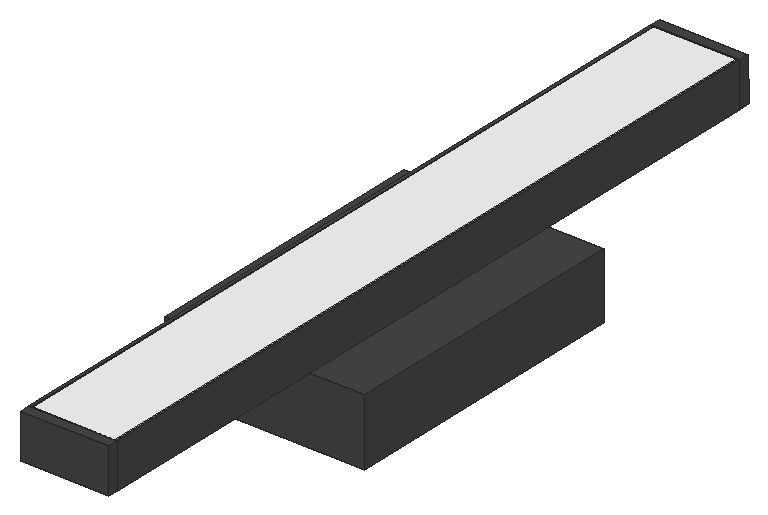
Revit family "AFX-Gale-Outdoor_Sconce+", category Lighting Fixtures, host Face, Revit 2020
Family settings
  Host = Face
  Round Connector Dimension = Use Diameter
  Part Type = Normal
  Cut with Voids When Loaded = No
  Light Source = Yes
  Shared = No
  Room Calculation Point = No
Parameters (values of type "GLEW0518L30UDBK")
  Width = 4 1/2"
  Wattage Comments = "25W"
  Wattage = 9.2903 W
  built-in parameter 1150110 = 1 (stored number, unit not read)
  Voltage = 120 V
  URL = "https://www.afxinc.com/"
  Type Comments = "Gale"  # constant formula
  built-in parameter 1114217 = 1 (stored number, unit not read)
  Tilt Angle = -90.00°
  built-in parameter 1150109 = 1 (stored number, unit not read)
  built-in parameter 1150134 = 3
  built-in parameter 1150113 = 1 (stored number, unit not read)
  Revit Model Built By = "https://servex-us.com/servex-revit/"
  Product Documentation Link = "https://www.afxinc.com/products/productDetail.cfm?productID=1711"
  Photometric Web File = "GLEW0518L30UDxx_IES.IES"
  built-in parameter 1150142 = "IESNA:LM-63-2002\r\n[TEST] \r\n[TESTLAB] LCTECH 220226101002\r\n[TESTDATE] 2022/2/26\r\n[ISSUEDATE] 2022/2/26\r\n[MANUFAC] 있댐열\r\n[LUMCAT] OW0701-18-20-930C1-BK，OW0701-18-20-930C1-SS\r\n[LUMINAIRE] LED 됐??\r\n[LAMPCAT] \r\n[LAMP] \r\n[LumELE] 120.03 0.175 20.87 0.9916\r\nTILT=NONE\r\n1 1430.67 1 37 7 1 2 .04 .44 0\r\n1 1 20.87\r\n0.00 5.00 10.00 15.00 20.00 25.00 30.00 35.00 40.00 45.00 50.00 55.00 60.00 65.00 70.00 75.00 80.00 85.00 90.00 95.00 100.00 105.00 110.00 115.00 120.00 125.00 130.00 135.00 140.00 145.00 150.00 155.00 160.00 165.00 170.00 175.00 180.00\r\n0.00 15.00 30.00 45.00 60.00 75.00 90.00\r\n747.647 741.472 724.869 696.923 660.789 616.468 565.195 509.759 450.756 390.793 331.378 275.256 220.873 169.645 123.129 81.049 45.053 17.106 3.613 0.366 0.412 0.366 0.366 0.412 0.503 0.549 0.64 0.732 0.732 0.823 1.006 0.961 1.143 1.189 1.281 1.235 0.63\r\n747.647 742.059 724.02 695.786 657.884 612.02 559.251 501.578 440.367 379.479 319.432 262.553 208.826 159.931 116.146 80.286 42.122 16.399 3.353 0.502 0.365 0.342 0.388 0.41 0.456 0.525 0.616 0.707 0.707 0.867 0.958 1.003 1.095 1.14 1.186 1.254 0.63\r\n747.647 741.331 721.788 690.499 649.91 599.104 541.57 478.446 413.884 349.513 288.075 231.709 185.354 136.549 97.85 63.896 35.417 14.005 3.127 0.662 0.365 0.365 0.274 0.319 0.365 0.479 0.593 0.616 0.684 0.752 0.867 1.003 1.049 1.186 1.209 1.277 0.63\r\n747.647 740.204 718.639 684.329 638.678 581.044 515.489 445.814 375.78 316.411 247.271 195.177 149.502 111.408 79.464 51.89 28.804 11.525 2.712 0.729 0.342 0.296 0.251 0.273 0.296 0.387 0.524 0.546 0.638 0.751 0.865 0.956 1.07 1.116 1.184 1.252 0.63\r\n747.647 739.305 715.508 677.741 626.409 562.527 498.391 412.891 337.963 271.324 214.04 167.102 126.971 94.328 67.125 43.627 24.231 9.512 2.071 0.591 0.296 0.181 0.204 0.227 0.227 0.363 0.454 0.544 0.612 0.703 0.794 0.93 1.044 1.157 1.18 1.27 0.63\r\n747.647 739.08 714.062 674.149 617.563 547.897 469.307 389.516 314.289 249.079 194.252 149.692 113.379 83.943 59.589 39.125 21.478 7.967 1.425 0.36 0.203 0.158 0.158 0.158 0.225 0.315 0.405 0.473 0.562 0.674 0.81 0.899 1.057 1.079 1.169 1.259 0.63\r\n747.647 738.284 711.945 669.417 612.976 541.878 461.504 379.249 303.775 240.071 186.693 143.29 107.807 79.936 56.704 37.059 19.382 6.257 0.306 0.175 0.088 0.131 0.131 0.088 0.175 0.35 0.394 0.481 0.525 0.656 0.831 0.919 1.006 1.05 1.225 1.225 0.63\r\n"
  Model = "GLEW0518L30UDBK"
  Manufacturer = "AFX Inc"  # constant formula
  built-in parameter 1150105 = 109.82 (stored number, unit not read)
  Lumens = 1380 lm
  built-in parameter 1150115 = 1 (stored number, unit not read)
  built-in parameter 1150137 = (empty or 0)
  built-in parameter 1150139 = (empty or 0)
  built-in parameter 1150112 = 1 (stored number, unit not read)
  built-in parameter 1150114 = 1 (stored number, unit not read)
  Lamp = "LED"
  Keynote = "12500"
  built-in parameter 1150132 = (empty or 0)
  built-in parameter 1150102 = (empty or 0)
  built-in parameter 1150107 = 3200 (stored number, unit not read)
  built-in parameter 1150138 = (empty or 0)
  built-in parameter 1150106 = 1.0982 (stored number, unit not read)
  Height Base = if(and(Height = 18"), 6 3/4", 13 1/2")  # 6 3/4"
  Height = 18"
  Emit from Rectangle Width = 1 13/16"
  Emit from Rectangle Length = Height - 5/8"  # 17 3/8"
  Emit Shape Visible in Rendering = no
  built-in parameter 1150104 = 13.8 (stored number, unit not read)
  Dimming Lamp Color Temperature Shift = <None>
  Diffuser Finish = AFX - White Acrylic
  Description = "LED Outdoor Sconce - 4 1/2\"W x 2 1/2\"D x 18\"H"
  Depth = 2 1/2"
  Default Elevation = 48"
  Colour Rendering Index = "90"
  Color Filter = 16777215
  Body Finish = AFX - Black Steel
  Base Finish = AFX - Black Steel
  built-in parameter 1114218 = 1 (stored number, unit not read)
  built-in parameter 1150133 = 10 (stored number, unit not read)
  Assembly Code = "E2020200"
  Apparent Load = 120 VA
Reference planes (in)
  plane 1 "Center (Front/Back)": y = 0
  plane 2: z = 0
  plane 3 "Center (Left/Right)": x = 0
  plane 4: x = -2.25
  plane 5: x = 2.25
  plane 6: y = 9
  plane 7: y = -9
  plane 8: z = 2.5
  plane 9: z = 1.5
  plane 10: y = 3.375
  plane 11: y = -3.375
  plane 12: x = -1
  plane 13: x = 1
  plane 14: y = 8.75
  plane 15: y = -8.75
Forms (in)
  Extrusion 1, solid, material "AFX - Black Steel" <- "Base Finish"
    sketch origin (0, 0, 0) x (1, 0, 0) y (0, 0, 1)
      loop
        line (-2.25, 1.5) -> (-2.25, 0) -> (2.25, 0) -> (2.25, 1.5) -> (-2.25, 1.5)
    from -3.375 to 3.375
  Extrusion 2, solid, material "AFX - Black Steel" <- "Body Finish"
    sketch origin (0, 0, 0) x (1, 0, 0) y (0, 0, 1)
      loop
        line (-1, 2.5) -> (-1, 1.5) -> (1, 1.5) -> (1, 2.5) -> (-1, 2.5)
    from 8.75 to 9
  Extrusion 3, solid, material "AFX - Black Steel" <- "Body Finish"
    sketch origin (0, 20, 0) x (1, 0, 0) y (0, 0, 1)
      loop
        line (-1, 2.5) -> (-1, 1.5) -> (1, 1.5) -> (1, 2.5) -> (-1, 2.5)
    from 11 to 11.25
  Extrusion 4, solid, material "AFX - Black Steel" <- "Body Finish"
    sketch origin (0, 0, 0) x (1, 0, 0) y (0, 0, 1)
      loop
        line (-1, 2.5) -> (-1, 1.5) -> (1, 1.5) -> (1, 2.5) -> (0.9375, 2.5) -> (0.9375, 1.5625) -> (-0.9375, 1.5625) -> (-0.9375, 2.5) -> (-1, 2.5)
    from -8.75 to 8.75
  Extrusion 5, solid, material "AFX - White Acrylic" <- "Diffuser Finish"
    sketch origin (0, 0, 0) x (1, 0, 0) y (0, 0, 1)
      loop
        line (-0.9375, 2.5) -> (-0.9375, 2.4375) -> (0.9375, 2.4375) -> (0.9375, 2.5) -> (-0.9375, 2.5)
    from -8.75 to 8.75
Lines and regions (in)
  symbolic lines
    curve 1: line (2.25, 0, 1.5) -> (-2.25, 0, 1.5)
    curve 2: line (2.25, 0, 0) -> (2.25, 0, 1.5)
    curve 3: line (-2.25, 0, 0) -> (2.25, 0, 0)
    curve 4: line (-2.25, 0, 1.5) -> (-2.25, 0, 0)
    curve 5: line (1, 0, 2.5) -> (-1, 0, 2.5)
    curve 6: line (-1, 0, 2.5) -> (-1, 0, 1.5)
    curve 7: line (1, 0, 2.5) -> (1, 0, 1.5)
Dimensions and locks (in)
  equal spacing: plane 4, plane 3 "Center (Left/Right)", plane 5
  "Width": plane 4 to plane 5
  equal spacing: plane 6, plane 1 "Center (Front/Back)", plane 7
  "Height": plane 6 to plane 7
  "Depth": plane 8 to plane 2
  locked: plane 9 to plane 2 at 1.5
  equal spacing: plane 12, plane 3 "Center (Left/Right)", plane 13
  plane 12 to plane 13 = 2"
  equal spacing: plane 10, plane 1 "Center (Front/Back)", plane 11
  "Height Base": plane 10 to plane 11
  locked: plane 6 to plane 14 at 0.25
  locked: plane 15 to plane 7 at 0.25
  locked: Extrusion 4 sketch curve to plane 12 at 0.0625
  locked: Extrusion 4 sketch curve to plane 13 at 0.0625
  locked: Extrusion 4 sketch curve to plane 9 at 0.0625
  locked: plane 12 to Extrusion 5 sketch curve at 0.0625
  locked: Extrusion 5 sketch curve to plane 13 at 0.0625
  locked: plane 8 to Extrusion 5 sketch curve at 0.0625
  locked: imposter light to plane 2 at 2.19271
  aligned and locked: plane 2 to host face
  aligned and locked: level to host face
  aligned and locked: plane 4 to Extrusion 1 sketch curve
  aligned and locked: Extrusion 1 sketch curve to plane 5
  aligned and locked: Extrusion 1 sketch curve to plane 9
  aligned and locked: plane 2 to Extrusion 1 sketch curve
  aligned and locked: plane 10 to Extrusion 1
  aligned and locked: Extrusion 1 to plane 11
  aligned and locked: Extrusion 2 sketch curve to plane 8
  aligned and locked: plane 9 to Extrusion 2 sketch curve
  aligned and locked: plane 12 to Extrusion 2 sketch curve
  aligned and locked: Extrusion 2 sketch curve to plane 13
  aligned and locked: Extrusion 3 sketch curve to plane 8
  aligned and locked: plane 9 to Extrusion 3 sketch curve
  aligned and locked: plane 12 to Extrusion 3 sketch curve
  aligned and locked: Extrusion 3 sketch curve to plane 13
  aligned and locked: plane 6 to Extrusion 3
  aligned and locked: Extrusion 3 to plane 14
  aligned and locked: Extrusion 2 to plane 7
  aligned and locked: plane 15 to Extrusion 2
  aligned and locked: plane 12 to Extrusion 4 sketch curve
  aligned and locked: Extrusion 4 sketch curve to plane 13
  aligned and locked: plane 9 to Extrusion 4 sketch curve
  aligned and locked: Extrusion 4 sketch curve to plane 8  (x2)
  aligned and locked: plane 14 to Extrusion 4
  aligned and locked: Extrusion 4 to plane 15
  aligned and locked: Extrusion 5 sketch curve to plane 8
  aligned and locked: plane 14 to Extrusion 5
  aligned and locked: Extrusion 5 to plane 15
  aligned and locked: plane 2 to curve 3
  aligned and locked: curve 1 to plane 9
  aligned and locked: plane 4 to curve 4
  aligned and locked: curve 2 to plane 5
  aligned and locked: curve 5 to plane 8
  aligned and locked: plane 13 to curve 7
  aligned and locked: plane 12 to curve 6
  aligned and locked: plane 9 to curve 7
  aligned and locked: plane 3 "Center (Left/Right)" to imposter light
  aligned and locked: plane 1 "Center (Front/Back)" to imposter light
Automatic sketch dimensions
  host sketch curve to host sketch curve = 56.02947"
  host sketch curve to host sketch curve = 51.97453"
Connectors (in)
  electrical at (0, 0, 0), driven by "Voltage", driven by "Apparent Load"
    settings: on Extrusion 1, index 1, voltage 120 V, apparent load 0 VA, apparent load phase1 120 VA, apparent load phase2 0 VA, apparent load phase3 0 VA, power factor 1, load classification "Lighting", number of poles 1, system type 31, power factor state 1, is connector primary yes, connector utility no, sub classification motor no, connector description ""
Types (7): name | Wattage Comments | Product Documentation Link | Photometric Web File | built-in parameter 1150142 | Model | Height Base | Height | Emit from Rectangle Length | Description | Body Finish | Base Finish
  (no name) | "25W" | "https://www.afxinc.com/products/productDetail.cfm?productID=1711" | "GLEW0518L30UDxx_IES.IES" | "IESNA:LM-63-2002\r\n[TEST] \r\n[TESTLAB] LCTECH 220226101002\r\n[TESTDATE] 2022/2/26\r\n[ISSUEDATE] 2022/2/26\r\n[MANUFAC] 있댐열\r\n[LUMCAT] OW0701-18-20-930C1-BK，OW0701-18-20-930C1-SS\r\n[LUMINAIRE] LED 됐??\r\n[LAMPCAT] \r\n[LAMP] \r\n[LumELE] 120.03 0.175 20.87 0.9916\r\nTILT=NONE\r\n1 1430.67 1 37 7 1 2 .04 .44 0\r\n1 1 20.87\r\n0.00 5.00 10.00 15.00 20.00 25.00 30.00 35.00 40.00 45.00 50.00 55.00 60.00 65.00 70.00 75.00 80.00 85.00 90.00 95.00 100.00 105.00 110.00 115.00 120.00 125.00 130.00 135.00 140.00 145.00 150.00 155.00 160.00 165.00 170.00 175.00 180.00\r\n0.00 15.00 30.00 45.00 60.00 75.00 90.00\r\n747.647 741.472 724.869 696.923 660.789 616.468 565.195 509.759 450.756 390.793 331.378 275.256 220.873 169.645 123.129 81.049 45.053 17.106 3.613 0.366 0.412 0.366 0.366 0.412 0.503 0.549 0.64 0.732 0.732 0.823 1.006 0.961 1.143 1.189 1.281 1.235 0.63\r\n747.647 742.059 724.02 695.786 657.884 612.02 559.251 501.578 440.367 379.479 319.432 262.553 208.826 159.931 116.146 80.286 42.122 16.399 3.353 0.502 0.365 0.342 0.388 0.41 0.456 0.525 0.616 0.707 0.707 0.867 0.958 1.003 1.095 1.14 1.186 1.254 0.63\r\n747.647 741.331 721.788 690.499 649.91 599.104 541.57 478.446 413.884 349.513 288.075 231.709 185.354 136.549 97.85 63.896 35.417 14.005 3.127 0.662 0.365 0.365 0.274 0.319 0.365 0.479 0.593 0.616 0.684 0.752 0.867 1.003 1.049 1.186 1.209 1.277 0.63\r\n747.647 740.204 718.639 684.329 638.678 581.044 515.489 445.814 375.78 316.411 247.271 195.177 149.502 111.408 79.464 51.89 28.804 11.525 2.712 0.729 0.342 0.296 0.251 0.273 0.296 0.387 0.524 0.546 0.638 0.751 0.865 0.956 1.07 1.116 1.184 1.252 0.63\r\n747.647 739.305 715.508 677.741 626.409 562.527 498.391 412.891 337.963 271.324 214.04 167.102 126.971 94.328 67.125 43.627 24.231 9.512 2.071 0.591 0.296 0.181 0.204 0.227 0.227 0.363 0.454 0.544 0.612 0.703 0.794 0.93 1.044 1.157 1.18 1.27 0.63\r\n747.647 739.08 714.062 674.149 617.563 547.897 469.307 389.516 314.289 249.079 194.252 149.692 113.379 83.943 59.589 39.125 21.478 7.967 1.425 0.36 0.203 0.158 0.158 0.158 0.225 0.315 0.405 0.473 0.562 0.674 0.81 0.899 1.057 1.079 1.169 1.259 0.63\r\n747.647 738.284 711.945 669.417 612.976 541.878 461.504 379.249 303.775 240.071 186.693 143.29 107.807 79.936 56.704 37.059 19.382 6.257 0.306 0.175 0.088 0.131 0.131 0.088 0.175 0.35 0.394 0.481 0.525 0.656 0.831 0.919 1.006 1.05 1.225 1.225 0.63\r\n" | "GLEW0518L30UDBK" | 6 3/4" | 18" | 17 3/8" | "LED Outdoor Sconce - 4 1/2\"W x 2 1/2\"D x 18\"H" | AFX - Black Steel | AFX - Black Steel
  GLEW0518L30UDBK | "25W" | "https://www.afxinc.com/products/productDetail.cfm?productID=1711" | "GLEW0518L30UDxx_IES.IES" | "IESNA:LM-63-2002\r\n[TEST] \r\n[TESTLAB] LCTECH 220226101002\r\n[TESTDATE] 2022/2/26\r\n[ISSUEDATE] 2022/2/26\r\n[MANUFAC] 있댐열\r\n[LUMCAT] OW0701-18-20-930C1-BK，OW0701-18-20-930C1-SS\r\n[LUMINAIRE] LED 됐??\r\n[LAMPCAT] \r\n[LAMP] \r\n[LumELE] 120.03 0.175 20.87 0.9916\r\nTILT=NONE\r\n1 1430.67 1 37 7 1 2 .04 .44 0\r\n1 1 20.87\r\n0.00 5.00 10.00 15.00 20.00 25.00 30.00 35.00 40.00 45.00 50.00 55.00 60.00 65.00 70.00 75.00 80.00 85.00 90.00 95.00 100.00 105.00 110.00 115.00 120.00 125.00 130.00 135.00 140.00 145.00 150.00 155.00 160.00 165.00 170.00 175.00 180.00\r\n0.00 15.00 30.00 45.00 60.00 75.00 90.00\r\n747.647 741.472 724.869 696.923 660.789 616.468 565.195 509.759 450.756 390.793 331.378 275.256 220.873 169.645 123.129 81.049 45.053 17.106 3.613 0.366 0.412 0.366 0.366 0.412 0.503 0.549 0.64 0.732 0.732 0.823 1.006 0.961 1.143 1.189 1.281 1.235 0.63\r\n747.647 742.059 724.02 695.786 657.884 612.02 559.251 501.578 440.367 379.479 319.432 262.553 208.826 159.931 116.146 80.286 42.122 16.399 3.353 0.502 0.365 0.342 0.388 0.41 0.456 0.525 0.616 0.707 0.707 0.867 0.958 1.003 1.095 1.14 1.186 1.254 0.63\r\n747.647 741.331 721.788 690.499 649.91 599.104 541.57 478.446 413.884 349.513 288.075 231.709 185.354 136.549 97.85 63.896 35.417 14.005 3.127 0.662 0.365 0.365 0.274 0.319 0.365 0.479 0.593 0.616 0.684 0.752 0.867 1.003 1.049 1.186 1.209 1.277 0.63\r\n747.647 740.204 718.639 684.329 638.678 581.044 515.489 445.814 375.78 316.411 247.271 195.177 149.502 111.408 79.464 51.89 28.804 11.525 2.712 0.729 0.342 0.296 0.251 0.273 0.296 0.387 0.524 0.546 0.638 0.751 0.865 0.956 1.07 1.116 1.184 1.252 0.63\r\n747.647 739.305 715.508 677.741 626.409 562.527 498.391 412.891 337.963 271.324 214.04 167.102 126.971 94.328 67.125 43.627 24.231 9.512 2.071 0.591 0.296 0.181 0.204 0.227 0.227 0.363 0.454 0.544 0.612 0.703 0.794 0.93 1.044 1.157 1.18 1.27 0.63\r\n747.647 739.08 714.062 674.149 617.563 547.897 469.307 389.516 314.289 249.079 194.252 149.692 113.379 83.943 59.589 39.125 21.478 7.967 1.425 0.36 0.203 0.158 0.158 0.158 0.225 0.315 0.405 0.473 0.562 0.674 0.81 0.899 1.057 1.079 1.169 1.259 0.63\r\n747.647 738.284 711.945 669.417 612.976 541.878 461.504 379.249 303.775 240.071 186.693 143.29 107.807 79.936 56.704 37.059 19.382 6.257 0.306 0.175 0.088 0.131 0.131 0.088 0.175 0.35 0.394 0.481 0.525 0.656 0.831 0.919 1.006 1.05 1.225 1.225 0.63\r\n" | "GLEW0518L30UDBK" | 6 3/4" | 18" | 17 3/8" | "LED Outdoor Sconce - 4 1/2\"W x 2 1/2\"D x 18\"H" | AFX - Black Steel | AFX - Black Steel
  GLEW0524L30UDBK | "29W" | "https://www.afxinc.com/products/productDetail.cfm?productID=1714" | "GLEW0524L30UDxx_IES.IES" | "IESNA:LM-63-2002\r\n[TEST] \r\n[TESTLAB] LCTECH 220226101003\r\n[TESTDATE] 2022/2/26\r\n[ISSUEDATE] 2022/2/26\r\n[MANUFAC] 있댐열\r\n[LUMCAT] OW0701-24-25-930C1-BK，OW0701-24-25-930C1-SS\r\n[LUMINAIRE] LED 됐??\r\n[LAMPCAT] \r\n[LAMP] \r\n[LumELE] 119.95 0.199 23.72 0.9931\r\nTILT=NONE\r\n1 1662.93 1 37 7 1 2 .04 .59 0\r\n1 1 23.72\r\n0.00 5.00 10.00 15.00 20.00 25.00 30.00 35.00 40.00 45.00 50.00 55.00 60.00 65.00 70.00 75.00 80.00 85.00 90.00 95.00 100.00 105.00 110.00 115.00 120.00 125.00 130.00 135.00 140.00 145.00 150.00 155.00 160.00 165.00 170.00 175.00 180.00\r\n0.00 15.00 30.00 45.00 60.00 75.00 90.00\r\n874.171 868.121 848.971 817.54 775.009 723.382 663.748 598.519 529.925 459.966 390.962 324.914 260.55 200.689 145.604 95.523 52.447 19.241 3.548 0.591 0.546 0.546 0.546 0.591 0.682 0.773 0.955 0.955 1.092 1.183 1.274 1.365 1.41 1.547 1.683 1.774 0.879\r\n874.171 868.305 847.638 814.921 771.335 716.996 655.858 588.924 518.509 445.731 375.34 309.109 245.787 188.445 136.581 94.216 48.703 18.145 3.138 0.591 0.523 0.50 0.477 0.50 0.614 0.796 0.841 0.955 1.046 1.16 1.273 1.341 1.455 1.523 1.66 1.751 0.879\r\n874.171 866.581 843.565 807.503 759.40 699.869 632.909 560.382 483.85 407.191 334.734 269.275 215.971 157.741 113.005 73.292 40.098 15.152 2.838 0.681 0.50 0.454 0.432 0.454 0.545 0.682 0.818 0.909 0.977 1.113 1.272 1.363 1.431 1.477 1.613 1.727 0.879\r\n874.171 865.623 839.788 798.19 743.131 676.407 598.704 516.156 434.034 362.712 283.015 223.375 171.172 128.201 91.056 59.576 32.802 12.196 2.368 0.683 0.387 0.364 0.318 0.364 0.478 0.568 0.705 0.75 0.887 1.046 1.206 1.296 1.433 1.501 1.638 1.66 0.879\r\n874.171 864.344 835.492 789.776 729.694 652.999 576.557 476.182 387.771 309.712 244.678 190.835 145.027 108.028 77.043 50.371 27.694 10.398 2.044 0.613 0.341 0.272 0.25 0.295 0.341 0.522 0.636 0.704 0.817 0.999 1.18 1.271 1.43 1.498 1.634 1.725 0.879\r\n874.171 862.907 832.056 784.05 717.856 633.922 541.126 445.678 358.82 283.674 221.435 171.159 129.965 96.979 69.368 45.24 24.555 8.815 1.417 0.405 0.315 0.247 0.225 0.202 0.337 0.382 0.54 0.675 0.764 0.944 1.102 1.237 1.372 1.462 1.574 1.709 0.879\r\n874.171 863.646 830.106 778.681 711.691 629.002 531.862 435.48 350.338 275.632 214.083 164.799 124.926 93.394 66.455 43.307 23.683 8.608 1.516 0.268 0.223 0.223 0.268 0.178 0.312 0.401 0.535 0.624 0.758 0.892 1.115 1.293 1.338 1.472 1.561 1.65 0.879\r\n" | "GLEW0524L30UDBK" | 13 1/2" | 24" | 23 3/8" | "LED Outdoor Sconce - 4 1/2\"W x 2 1/2\"D x 24\"H" | AFX - Black Steel | AFX - Black Steel
  GLEW0536L30UDBK | "35W" | "https://www.afxinc.com/products/productDetail.cfm?productID=1715" | "GLEW0536L30UDxx_IES.IES" | "IESNA:LM-63-2002\r\n[TEST] \r\n[TESTLAB] LCTECH 220226101004\r\n[TESTDATE] 2022/2/26\r\n[ISSUEDATE] 2022/2/26\r\n[MANUFAC] 있댐열\r\n[LUMCAT] OW0701-36-35-930C1-BK，OW0701-36-35-930C1-SS\r\n[LUMINAIRE] LED 됐??\r\n[LAMPCAT] \r\n[LAMP] \r\n[LumELE] 119.96 0.298 35.27 0.988\r\nTILT=NONE\r\n1 2412 1 37 7 1 2 .04 .9 0\r\n1 1 35.27\r\n0.00 5.00 10.00 15.00 20.00 25.00 30.00 35.00 40.00 45.00 50.00 55.00 60.00 65.00 70.00 75.00 80.00 85.00 90.00 95.00 100.00 105.00 110.00 115.00 120.00 125.00 130.00 135.00 140.00 145.00 150.00 155.00 160.00 165.00 170.00 175.00 180.00\r\n0.00 15.00 30.00 45.00 60.00 75.00 90.00\r\n1263.023 1253.753 1229.002 1184.569 1126.802 1055.016 971.082 878.929 779.834 678.228 577.90 478.166 384.323 296.827 215.542 141.792 77.906 29.409 5.297 1.142 1.142 1.096 1.096 1.096 1.187 1.37 1.461 1.598 1.781 1.964 2.192 2.238 2.283 2.329 2.512 2.603 \r\n1.326\r\n1263.023 1253.909 1226.90 1181.663 1120.219 1046.427 960.486 864.151 763.347 659.605 555.295 456.681 363.542 277.715 200.366 139.005 72.016 26.345 4.90 1.185 1.117 1.048 1.026 1.026 1.14 1.345 1.436 1.527 1.755 1.914 2.051 2.188 2.233 2.37 2.507 2.621 \r\n1.326\r\n1263.023 1251.623 1221.767 1172.516 1104.444 1019.11 920.731 813.673 702.482 594.199 488.14 393.455 315.462 230.362 164.132 106.735 58.26 21.593 4.292 1.181 0.954 0.885 0.863 0.908 1.022 1.181 1.271 1.43 1.612 1.839 2.044 2.157 2.271 2.339 2.475 2.611 \r\n1.326\r\n1263.023 1251.259 1216.207 1159.273 1079.601 977.801 865.664 746.996 627.582 513.425 411.72 323.118 248.55 185.16 131.383 85.087 46.568 17.481 3.356 1.156 0.771 0.794 0.703 0.703 0.816 1.02 1.134 1.292 1.496 1.723 1.95 2.108 2.222 2.358 2.494 2.585 1.326\r\n1263.023 1251.165 1213.381 1147.204 1054.071 941.107 830.988 685.335 560.366 446.94 352.687 274.85 208.217 153.764 109.13 71.326 38.782 14.381 2.70 0.907 0.612 0.522 0.499 0.612 0.68 0.884 1.043 1.179 1.361 1.61 1.86 2.064 2.177 2.336 2.495 2.563 1.326\r\n1263.023 1249.086 1207.321 1134.552 1033.328 910.111 778.054 642.264 515.377 406.707 316.878 243.683 183.37 136.071 96.516 62.746 34.153 12.226 1.959 0.653 0.428 0.428 0.428 0.45 0.585 0.765 0.923 1.058 1.238 1.509 1.801 2.026 2.116 2.252 2.409 2.522 \r\n1.326\r\n1263.023 1248.644 1206.309 1129.028 1025.973 898.789 761.411 628.306 498.63 391.879 303.469 233.00 174.95 129.588 91.749 59.385 31.651 10.639 1.202 0.49 0.401 0.401 0.356 0.401 0.534 0.757 0.89 1.024 1.246 1.425 1.781 2.003 2.137 2.315 2.359 2.537 1.326\r\n" | "GLEW0536L30UDBK" | 13 1/2" | 36" | 35 3/8" | "LED Outdoor Sconce - 4 1/2\"W x 2 1/2\"D x 36\"H" | AFX - Black Steel | AFX - Black Steel
  GLEW0518L30UDTG | "25W" | "https://www.afxinc.com/products/productDetail.cfm?productID=1711" | "GLEW0518L30UDxx_IES.IES" | "IESNA:LM-63-2002\r\n[TEST] \r\n[TESTLAB] LCTECH 220226101002\r\n[TESTDATE] 2022/2/26\r\n[ISSUEDATE] 2022/2/26\r\n[MANUFAC] 있댐열\r\n[LUMCAT] OW0701-18-20-930C1-BK，OW0701-18-20-930C1-SS\r\n[LUMINAIRE] LED 됐??\r\n[LAMPCAT] \r\n[LAMP] \r\n[LumELE] 120.03 0.175 20.87 0.9916\r\nTILT=NONE\r\n1 1430.67 1 37 7 1 2 .04 .44 0\r\n1 1 20.87\r\n0.00 5.00 10.00 15.00 20.00 25.00 30.00 35.00 40.00 45.00 50.00 55.00 60.00 65.00 70.00 75.00 80.00 85.00 90.00 95.00 100.00 105.00 110.00 115.00 120.00 125.00 130.00 135.00 140.00 145.00 150.00 155.00 160.00 165.00 170.00 175.00 180.00\r\n0.00 15.00 30.00 45.00 60.00 75.00 90.00\r\n747.647 741.472 724.869 696.923 660.789 616.468 565.195 509.759 450.756 390.793 331.378 275.256 220.873 169.645 123.129 81.049 45.053 17.106 3.613 0.366 0.412 0.366 0.366 0.412 0.503 0.549 0.64 0.732 0.732 0.823 1.006 0.961 1.143 1.189 1.281 1.235 0.63\r\n747.647 742.059 724.02 695.786 657.884 612.02 559.251 501.578 440.367 379.479 319.432 262.553 208.826 159.931 116.146 80.286 42.122 16.399 3.353 0.502 0.365 0.342 0.388 0.41 0.456 0.525 0.616 0.707 0.707 0.867 0.958 1.003 1.095 1.14 1.186 1.254 0.63\r\n747.647 741.331 721.788 690.499 649.91 599.104 541.57 478.446 413.884 349.513 288.075 231.709 185.354 136.549 97.85 63.896 35.417 14.005 3.127 0.662 0.365 0.365 0.274 0.319 0.365 0.479 0.593 0.616 0.684 0.752 0.867 1.003 1.049 1.186 1.209 1.277 0.63\r\n747.647 740.204 718.639 684.329 638.678 581.044 515.489 445.814 375.78 316.411 247.271 195.177 149.502 111.408 79.464 51.89 28.804 11.525 2.712 0.729 0.342 0.296 0.251 0.273 0.296 0.387 0.524 0.546 0.638 0.751 0.865 0.956 1.07 1.116 1.184 1.252 0.63\r\n747.647 739.305 715.508 677.741 626.409 562.527 498.391 412.891 337.963 271.324 214.04 167.102 126.971 94.328 67.125 43.627 24.231 9.512 2.071 0.591 0.296 0.181 0.204 0.227 0.227 0.363 0.454 0.544 0.612 0.703 0.794 0.93 1.044 1.157 1.18 1.27 0.63\r\n747.647 739.08 714.062 674.149 617.563 547.897 469.307 389.516 314.289 249.079 194.252 149.692 113.379 83.943 59.589 39.125 21.478 7.967 1.425 0.36 0.203 0.158 0.158 0.158 0.225 0.315 0.405 0.473 0.562 0.674 0.81 0.899 1.057 1.079 1.169 1.259 0.63\r\n747.647 738.284 711.945 669.417 612.976 541.878 461.504 379.249 303.775 240.071 186.693 143.29 107.807 79.936 56.704 37.059 19.382 6.257 0.306 0.175 0.088 0.131 0.131 0.088 0.175 0.35 0.394 0.481 0.525 0.656 0.831 0.919 1.006 1.05 1.225 1.225 0.63\r\n" | "GLEW0518L30UDTG" | 6 3/4" | 18" | 17 3/8" | "LED Outdoor Sconce - 4 1/2\"W x 2 1/2\"D x 18\"H" | AFX - Textured Grey | AFX - Textured Grey
  GLEW0524L30UDTG | "29W" | "https://www.afxinc.com/products/productDetail.cfm?productID=1714" | "GLEW0524L30UDxx_IES.IES" | "IESNA:LM-63-2002\r\n[TEST] \r\n[TESTLAB] LCTECH 220226101003\r\n[TESTDATE] 2022/2/26\r\n[ISSUEDATE] 2022/2/26\r\n[MANUFAC] 있댐열\r\n[LUMCAT] OW0701-24-25-930C1-BK，OW0701-24-25-930C1-SS\r\n[LUMINAIRE] LED 됐??\r\n[LAMPCAT] \r\n[LAMP] \r\n[LumELE] 119.95 0.199 23.72 0.9931\r\nTILT=NONE\r\n1 1662.93 1 37 7 1 2 .04 .59 0\r\n1 1 23.72\r\n0.00 5.00 10.00 15.00 20.00 25.00 30.00 35.00 40.00 45.00 50.00 55.00 60.00 65.00 70.00 75.00 80.00 85.00 90.00 95.00 100.00 105.00 110.00 115.00 120.00 125.00 130.00 135.00 140.00 145.00 150.00 155.00 160.00 165.00 170.00 175.00 180.00\r\n0.00 15.00 30.00 45.00 60.00 75.00 90.00\r\n874.171 868.121 848.971 817.54 775.009 723.382 663.748 598.519 529.925 459.966 390.962 324.914 260.55 200.689 145.604 95.523 52.447 19.241 3.548 0.591 0.546 0.546 0.546 0.591 0.682 0.773 0.955 0.955 1.092 1.183 1.274 1.365 1.41 1.547 1.683 1.774 0.879\r\n874.171 868.305 847.638 814.921 771.335 716.996 655.858 588.924 518.509 445.731 375.34 309.109 245.787 188.445 136.581 94.216 48.703 18.145 3.138 0.591 0.523 0.50 0.477 0.50 0.614 0.796 0.841 0.955 1.046 1.16 1.273 1.341 1.455 1.523 1.66 1.751 0.879\r\n874.171 866.581 843.565 807.503 759.40 699.869 632.909 560.382 483.85 407.191 334.734 269.275 215.971 157.741 113.005 73.292 40.098 15.152 2.838 0.681 0.50 0.454 0.432 0.454 0.545 0.682 0.818 0.909 0.977 1.113 1.272 1.363 1.431 1.477 1.613 1.727 0.879\r\n874.171 865.623 839.788 798.19 743.131 676.407 598.704 516.156 434.034 362.712 283.015 223.375 171.172 128.201 91.056 59.576 32.802 12.196 2.368 0.683 0.387 0.364 0.318 0.364 0.478 0.568 0.705 0.75 0.887 1.046 1.206 1.296 1.433 1.501 1.638 1.66 0.879\r\n874.171 864.344 835.492 789.776 729.694 652.999 576.557 476.182 387.771 309.712 244.678 190.835 145.027 108.028 77.043 50.371 27.694 10.398 2.044 0.613 0.341 0.272 0.25 0.295 0.341 0.522 0.636 0.704 0.817 0.999 1.18 1.271 1.43 1.498 1.634 1.725 0.879\r\n874.171 862.907 832.056 784.05 717.856 633.922 541.126 445.678 358.82 283.674 221.435 171.159 129.965 96.979 69.368 45.24 24.555 8.815 1.417 0.405 0.315 0.247 0.225 0.202 0.337 0.382 0.54 0.675 0.764 0.944 1.102 1.237 1.372 1.462 1.574 1.709 0.879\r\n874.171 863.646 830.106 778.681 711.691 629.002 531.862 435.48 350.338 275.632 214.083 164.799 124.926 93.394 66.455 43.307 23.683 8.608 1.516 0.268 0.223 0.223 0.268 0.178 0.312 0.401 0.535 0.624 0.758 0.892 1.115 1.293 1.338 1.472 1.561 1.65 0.879\r\n" | "GLEW0524L30UDTG" | 13 1/2" | 24" | 23 3/8" | "LED Outdoor Sconce - 4 1/2\"W x 2 1/2\"D x 24\"H" | AFX - Textured Grey | AFX - Textured Grey
